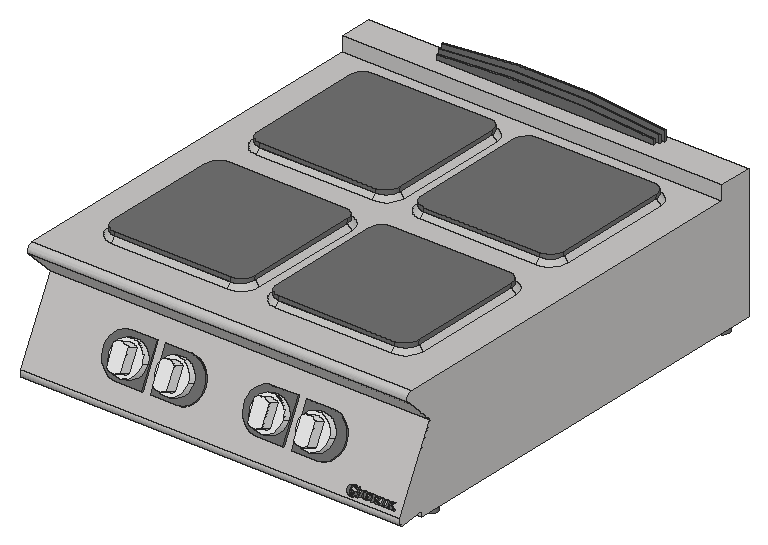
Revit family "QF_GIORIK_CE94QT", category Specialty Equipment, Revit 2014
Parameters (values of type "CE94QT")
  Weight in Pounds = 165.3465
  Watts = 16000 W
  Volts = 400 V
  URL Cutsheet = "www.giorik.com"
  URL = "www.giorik.com"
  Status [instance] = ""
  Specification by User [instance] = ""
  Specification by Manufacturer = ""
  Show Logo [instance] = yes
  Show Clearance [instance] = yes
  Serial Number = ""
  Seismic Rating = ""
  SMACNA No = ""
  Revision Code [instance] = ""
  Phase = 3
  Number of Poles [instance] = 3
  NAFEM Spec ID Number = ""
  Model = "CE94QT"
  Min Ckt Ampacity = 0 A
  Max Overcurrent Protection = 0 A
  Masterspec = ""
  Manufacturer = "GIORIK"
  Item Number [instance] = ""
  Installed By [instance] = ""
  Identify Quantity as Lot [instance] = no
  HP = "21.456320000000"
  Furnished By [instance] = ""
  Foodservice Equipment Identifier [instance] = yes
  FL Amps = 0 A
  Electrical Remarks [instance] = ""
  Electric Connection Type [instance] = ""
  Elec Conn RI Height [instance] = 0 mm
  Elec Conn Connection Height [instance] = 20 mm
  Description = "4 ELECTRIC PLATE HOB - COUNTERTOP VERSION"
  Cycle = 50 Hz
  Conn Plug = ""
  CSI MasterFormat = ""
  Assembly Code = "E1090320"
  Apparent Power = 16000 VA
Reference planes
  plane 1 "Back": y = 0
  plane 2: z = 0
  plane 3 "Left": x = 0
  plane 4 "Right": x = 800
  plane 5 "Front": y = -920
  plane 6 "Top": z = 300.012
Forms (mm)
  Extrusion 1, solid, visible <- "Show Logo"
    sketch origin (591.604, -936.624, 9.498) x (-1, 0, 0) y (0, 0.452718, 0.891654)
      loop
        line (-118.824, 58.358) -> (-127.804, 58.358) -> (-125.523, 56.445) -> (-125.523, 48.027) -> (-127.804, 46.113) -> (-118.824, 46.113) -> (-121.105, 48.027) -> (-121.105, 56.445) -> (-118.824, 58.358)
      loop
        line (-163.721, 58.358) -> (-172.7, 58.358) -> (-170.42, 56.445) -> (-170.42, 48.027) -> (-172.7, 46.113) -> (-163.721, 46.113) -> (-166.001, 48.027) -> (-166.001, 56.445) -> (-163.721, 58.358)
      loop
        line (-174.332, 58.358) -> (-183.312, 58.358) -> (-181.031, 56.445) -> (-181.031, 52.435) -> (-186.419, 56.955) -> (-184.416, 58.358) -> (-191.268, 58.358) -> (-188.01, 56.839) -> (-185.455, 54.283) -> (-190.846, 47.858) -> (-193.396, 46.93) -> (-193.396, 46.113) -> (-184.416, 46.113) -> (-185.437, 47.571) -> (-182.443, 51.552) -> (-181.031, 50.894) -> (-181.031, 48.027) -> (-183.312, 46.113) -> (-174.332, 46.113) -> (-176.613, 48.027) -> (-176.613, 56.445) -> (-174.332, 58.358)
      loop
        line (-115.429, 62.063) -> (-115.429, 54.198)
        arc (-115.429, 54.198) -> (-111.618, 57.803) -> (-106.847, 59.986) r 16.039
        arc (-106.847, 59.986) -> (-103.314, 59.837) -> (-100.512, 57.68) r 5.851
        arc (-100.512, 57.68) -> (-98.815, 52.267) -> (-100.512, 46.853) r 9.479
        arc (-100.512, 46.853) -> (-102.406, 44.986) -> (-104.846, 43.93) r 7.236
        arc (-104.846, 43.93) -> (-107.728, 44.111) -> (-110.052, 45.825) r 5.11
        line (-110.052, 45.825) -> (-110.052, 52.001) -> (-116.141, 52.001) -> (-116.141, 45.503) -> (-117.893, 43.751) -> (-114.094, 44.769)
        arc (-114.094, 44.769) -> (-112.56, 44.947) -> (-111.129, 44.366) r 3.115
        arc (-111.129, 44.366) -> (-104.216, 42.091) -> (-97.303, 44.366) r 11.641
        arc (-97.303, 44.366) -> (-93.396, 52.107) -> (-97.303, 59.849) r 9.622
        arc (-97.303, 59.849) -> (-104.369, 62.174) -> (-111.435, 59.849) r 11.898
        line (-111.435, 59.849) -> (-115.429, 62.063)
      loop
        arc (-129.234, 56.068) -> (-135.893, 58.628) -> (-142.552, 56.068) r 9.941
        arc (-142.552, 56.068) -> (-144.234, 52.286) -> (-142.552, 48.505) r 5.093
        arc (-142.552, 48.505) -> (-135.893, 45.945) -> (-129.234, 48.505) r 9.941
        arc (-129.234, 48.505) -> (-127.552, 52.286) -> (-129.234, 56.068) r 5.093
      loop
        arc (-132.628, 54.403) -> (-135.893, 57.668) -> (-139.158, 54.403) r 3.265
        line (-139.158, 54.403) -> (-139.158, 50.169)
        arc (-139.158, 50.169) -> (-135.893, 46.904) -> (-132.628, 50.169) r 3.265
        line (-132.628, 50.169) -> (-132.628, 54.403)
      loop
        arc (-156.363, 58.365) -> (-159.647, 55.081) -> (-156.363, 51.796) r 3.285
        line (-156.363, 51.796) -> (-159.529, 47.306) -> (-162.087, 46.113) -> (-155.847, 46.113) -> (-153.529, 51.083) -> (-150.637, 51.083) -> (-150.637, 47.784) -> (-153.022, 46.113) -> (-144.011, 46.113) -> (-146.094, 47.68) -> (-146.094, 56.493) -> (-144.229, 58.365) -> (-156.363, 58.365)
      loop
        line (-150.637, 57.512) -> (-153.637, 57.512)
        arc (-153.637, 57.512) -> (-156.237, 54.912) -> (-153.637, 52.312) r 2.6
        line (-153.637, 52.312) -> (-150.637, 52.312) -> (-150.637, 57.512)
      loop
        line (-108.924, 52.001) -> (-104.936, 49.005) -> (-100.948, 52.001) -> (-108.924, 52.001)
    from 1.5 to -0.5
  Extrusion 2, solid
    sketch origin (-4, 0.138, 5.012) x (1, 0, 0) y (0, 1, 0)
      loop
        circle (54, -385) r 12.5
    from 0 to 15
  Extrusion 3, solid
    sketch origin (0, 800.138, -619.988) x (0, 1, 0) y (0, 0, 1)
      loop
        line (-800.138, 919.988) -> (-870.138, 919.988) -> (-870.138, 889.988) -> (-1688.806, 889.988)
        arc (-1688.806, 889.988) -> (-1699.151, 883.075) -> (-1696.724, 870.873) r 11.197
        line (-1696.724, 870.873) -> (-1640.876, 815.025) -> (-1718.948, 661.258)
        arc (-1718.948, 661.258) -> (-1718.233, 650.105) -> (-1708.118, 645.354) r 10.981
        line (-1708.118, 645.354) -> (-1660, 649.925) -> (-1660, 640) -> (-800.138, 640) -> (-800.138, 919.988)
    from 0 to 800
  Extrusion 4, solid
    sketch origin (-220.755, -1163.208, -547.625) x (1, 0, 0) y (0, 0.452718, 0.891654)
      loop
        line (463.221, 676.25) -> (463.221, 766.25) -> (409.698, 766.25)
        arc (409.698, 766.25) -> (364.698, 721.25) -> (409.698, 676.25) r 45
        line (409.698, 676.25) -> (463.221, 676.25)
    from 48 to 50
  Extrusion 5, solid
    sketch origin (553.797, -1208.559, -525.029) x (-1, 0, 0) y (0, -0.45351, -0.891251)
      loop
        circle (351.331, -721.346) r 35
    from 0 to 15
  Extrusion 6, solid
    sketch origin (553.797, -1208.559, -525.029) x (-1, 0, 0) y (0, -0.45351, -0.891251)
      loop
        arc (336.331, -743.846) -> (351.331, -748.846) -> (366.331, -743.846) r 25
        line (366.331, -743.846) -> (366.331, -698.846)
        arc (366.331, -698.846) -> (351.331, -693.846) -> (336.331, -698.846) r 25
        line (336.331, -698.846) -> (336.331, -743.846)
    from 15 to 40
  Extrusion 7, solid
    sketch origin (723.221, -1163.208, -547.625) x (-1, 0, 0) y (0, -0.452718, -0.891654)
      loop
        line (463.221, -676.25) -> (409.698, -676.25)
        arc (409.698, -676.25) -> (364.698, -721.25) -> (409.698, -766.25) r 45
        line (409.698, -766.25) -> (463.221, -766.25) -> (463.221, -676.25)
    from 48 to 50
  Extrusion 8, solid
    sketch origin (-51.331, -1208.559, -525.029) x (1, 0, 0) y (0, 0.45351, 0.891251)
      loop
        circle (351.331, 721.346) r 35
    from 0 to 15
  Extrusion 9, solid
    sketch origin (-51.331, -1208.559, -525.029) x (1, 0, 0) y (0, 0.45351, 0.891251)
      loop
        line (336.331, 743.846) -> (336.331, 698.846)
        arc (336.331, 698.846) -> (351.331, 693.846) -> (366.331, 698.846) r 25
        line (366.331, 698.846) -> (366.331, 743.846)
        arc (366.331, 743.846) -> (351.331, 748.846) -> (336.331, 743.846) r 25
    from 15 to 40
  Extrusion 10, solid
    sketch origin (76.779, -1163.208, -547.625) x (1, 0, 0) y (0, 0.452718, 0.891654)
      loop
        line (463.221, 676.25) -> (463.221, 766.25) -> (409.698, 766.25)
        arc (409.698, 766.25) -> (364.698, 721.25) -> (409.698, 676.25) r 45
        line (409.698, 676.25) -> (463.221, 676.25)
    from 48 to 50
  Extrusion 11, solid
    sketch origin (851.331, -1208.559, -525.029) x (-1, 0, 0) y (0, -0.45351, -0.891251)
      loop
        circle (351.331, -721.346) r 35
    from 0 to 15
  Extrusion 12, solid
    sketch origin (851.331, -1208.559, -525.029) x (-1, 0, 0) y (0, -0.45351, -0.891251)
      loop
        arc (336.331, -743.846) -> (351.331, -748.846) -> (366.331, -743.846) r 25
        line (366.331, -743.846) -> (366.331, -698.846)
        arc (366.331, -698.846) -> (351.331, -693.846) -> (336.331, -698.846) r 25
        line (336.331, -698.846) -> (336.331, -743.846)
    from 15 to 40
  Extrusion 13, solid
    sketch origin (1020.755, -1163.208, -547.625) x (-1, 0, 0) y (0, -0.452718, -0.891654)
      loop
        line (463.221, -676.25) -> (409.698, -676.25)
        arc (409.698, -676.25) -> (364.698, -721.25) -> (409.698, -766.25) r 45
        line (409.698, -766.25) -> (463.221, -766.25) -> (463.221, -676.25)
    from 48 to 50
  Extrusion 14, solid
    sketch origin (246.203, -1208.559, -525.029) x (1, 0, 0) y (0, 0.45351, 0.891251)
      loop
        circle (351.331, 721.346) r 35
    from 0 to 15
  Extrusion 15, solid
    sketch origin (246.203, -1208.559, -525.029) x (1, 0, 0) y (0, 0.45351, 0.891251)
      loop
        line (336.331, 743.846) -> (336.331, 698.846)
        arc (336.331, 698.846) -> (351.331, 693.846) -> (366.331, 698.846) r 25
        line (366.331, 698.846) -> (366.331, 743.846)
        arc (366.331, 743.846) -> (351.331, 748.846) -> (336.331, 743.846) r 25
    from 15 to 40
  Extrusion 16, solid
    sketch origin (36.031, 0, -609.99) x (1, 0, 0) y (0, 0, 1)
      loop
        line (135, 909.989) -> (592.969, 909.989) -> (592.969, 919.989) -> (440.969, 929.989) -> (287, 929.989) -> (135, 919.989) -> (135, 909.989)
    from 32 to 35
  Extrusion 17, solid
    sketch origin (38, 10, -609.99) x (1, 0, 0) y (0, 0, 1)
      loop
        line (594, 909.989) -> (594, 924.989) -> (440, 937.489) -> (284, 937.489) -> (130, 925.001) -> (130, 909.989) -> (594, 909.989)
    from 32 to 35
  Extrusion 18, solid
    sketch origin (40, 20, -609.99) x (1, 0, 0) y (0, 0, 1)
      loop
        line (595, 909.989) -> (595, 930.001) -> (439, 945.258) -> (281, 945.258) -> (125, 929.989) -> (125, 909.989) -> (595, 909.989)
    from 32 to 35
  Extrusion 19, solid
    sketch origin (37, 2.638, 265) x (0, 1, 0) y (-1, 0, 0)
      loop
        arc (-121.5, -68) -> (-129.701, -48.201) -> (-149.5, -40) r 28
        line (-149.5, -40) -> (-393.5, -40)
        arc (-393.5, -40) -> (-413.299, -48.201) -> (-421.5, -68) r 28
        line (-421.5, -68) -> (-421.5, -311.998)
        arc (-421.5, -311.998) -> (-413.299, -331.797) -> (-393.5, -339.998) r 28
        line (-393.5, -339.998) -> (-149.5, -339.998)
        arc (-149.5, -339.998) -> (-129.701, -331.797) -> (-121.5, -311.998) r 28
        line (-121.5, -311.998) -> (-121.5, -68)
    from 23 to 15
  Blend 20, solid
    base sketch origin (781.36, -819.867, 270) x (0, 1, 0) y (-1, 0, 0)
      loop
        arc (710.004, 676.36) -> (699.167, 702.523) -> (673.004, 713.36) r 37
        line (673.004, 713.36) -> (429.004, 713.36)
        arc (429.004, 713.36) -> (402.841, 702.523) -> (392.004, 676.36) r 37
        line (392.004, 676.36) -> (392.004, 432.362)
        arc (392.004, 432.362) -> (402.841, 406.199) -> (429.004, 395.362) r 37
        line (429.004, 395.362) -> (673.004, 395.362)
        arc (673.004, 395.362) -> (699.167, 406.199) -> (710.004, 432.362) r 37
        line (710.004, 432.362) -> (710.004, 676.36)
    top sketch origin (781.36, -819.867, 300.012) x (0, 1, 0) y (-1, 0, 0)
      loop
        arc (701.004, 676.36) -> (692.803, 696.159) -> (673.004, 704.36) r 28
        line (673.004, 704.36) -> (429.004, 704.36)
        arc (429.004, 704.36) -> (409.205, 696.159) -> (401.004, 676.36) r 28
        line (401.004, 676.36) -> (401.004, 432.362)
        arc (401.004, 432.362) -> (409.205, 412.563) -> (429.004, 404.362) r 28
        line (429.004, 404.362) -> (673.004, 404.362)
        arc (673.004, 404.362) -> (692.803, 412.563) -> (701.004, 432.362) r 28
        line (701.004, 432.362) -> (701.004, 676.36)
    from 0 to -20.012
  Extrusion 21, solid
    sketch origin (37, -922.362, 265) x (0, -1, 0) y (1, 0, 0)
      loop
        line (-121.5, 68) -> (-121.5, 311.998)
        arc (-121.5, 311.998) -> (-129.701, 331.797) -> (-149.5, 339.998) r 28
        line (-149.5, 339.998) -> (-393.5, 339.998)
        arc (-393.5, 339.998) -> (-413.299, 331.797) -> (-421.5, 311.998) r 28
        line (-421.5, 311.998) -> (-421.5, 68)
        arc (-421.5, 68) -> (-413.299, 48.201) -> (-393.5, 40) r 28
        line (-393.5, 40) -> (-149.5, 40)
        arc (-149.5, 40) -> (-129.701, 48.201) -> (-121.5, 68) r 28
    from 23 to 15
  Blend 22, solid
    base sketch origin (781.36, -99.858, 270) x (0, -1, 0) y (1, 0, 0)
      loop
        line (710.004, -676.36) -> (710.004, -432.362)
        arc (710.004, -432.362) -> (699.167, -406.199) -> (673.004, -395.362) r 37
        line (673.004, -395.362) -> (429.004, -395.362)
        arc (429.004, -395.362) -> (402.841, -406.199) -> (392.004, -432.362) r 37
        line (392.004, -432.362) -> (392.004, -676.36)
        arc (392.004, -676.36) -> (402.841, -702.523) -> (429.004, -713.36) r 37
        line (429.004, -713.36) -> (673.004, -713.36)
        arc (673.004, -713.36) -> (699.167, -702.523) -> (710.004, -676.36) r 37
    top sketch origin (781.36, -99.858, 300.012) x (0, -1, 0) y (1, 0, 0)
      loop
        line (701.004, -676.36) -> (701.004, -432.362)
        arc (701.004, -432.362) -> (692.803, -412.563) -> (673.004, -404.362) r 28
        line (673.004, -404.362) -> (429.004, -404.362)
        arc (429.004, -404.362) -> (409.205, -412.563) -> (401.004, -432.362) r 28
        line (401.004, -432.362) -> (401.004, -676.36)
        arc (401.004, -676.36) -> (409.205, -696.159) -> (429.004, -704.36) r 28
        line (429.004, -704.36) -> (673.004, -704.36)
        arc (673.004, -704.36) -> (692.803, -696.159) -> (701.004, -676.36) r 28
    from 0 to -20.012
  Extrusion 23, solid
    sketch origin (763, 2.638, 265) x (0, 1, 0) y (-1, 0, 0)
      loop
        line (-121.5, 68) -> (-121.5, 311.998)
        arc (-121.5, 311.998) -> (-129.701, 331.797) -> (-149.5, 339.998) r 28
        line (-149.5, 339.998) -> (-393.5, 339.998)
        arc (-393.5, 339.998) -> (-413.299, 331.797) -> (-421.5, 311.998) r 28
        line (-421.5, 311.998) -> (-421.5, 68)
        arc (-421.5, 68) -> (-413.299, 48.201) -> (-393.5, 40) r 28
        line (-393.5, 40) -> (-149.5, 40)
        arc (-149.5, 40) -> (-129.701, 48.201) -> (-121.5, 68) r 28
    from 23 to 15
  Blend 24, solid
    base sketch origin (18.64, -819.867, 270) x (0, 1, 0) y (-1, 0, 0)
      loop
        line (710.004, -676.36) -> (710.004, -432.362)
        arc (710.004, -432.362) -> (699.167, -406.199) -> (673.004, -395.362) r 37
        line (673.004, -395.362) -> (429.004, -395.362)
        arc (429.004, -395.362) -> (402.841, -406.199) -> (392.004, -432.362) r 37
        line (392.004, -432.362) -> (392.004, -676.36)
        arc (392.004, -676.36) -> (402.841, -702.523) -> (429.004, -713.36) r 37
        line (429.004, -713.36) -> (673.004, -713.36)
        arc (673.004, -713.36) -> (699.167, -702.523) -> (710.004, -676.36) r 37
    top sketch origin (18.64, -819.867, 300.012) x (0, 1, 0) y (-1, 0, 0)
      loop
        line (701.004, -676.36) -> (701.004, -432.362)
        arc (701.004, -432.362) -> (692.803, -412.563) -> (673.004, -404.362) r 28
        line (673.004, -404.362) -> (429.004, -404.362)
        arc (429.004, -404.362) -> (409.205, -412.563) -> (401.004, -432.362) r 28
        line (401.004, -432.362) -> (401.004, -676.36)
        arc (401.004, -676.36) -> (409.205, -696.159) -> (429.004, -704.36) r 28
        line (429.004, -704.36) -> (673.004, -704.36)
        arc (673.004, -704.36) -> (692.803, -696.159) -> (701.004, -676.36) r 28
    from 0 to -20.012
  Extrusion 25, solid
    sketch origin (763, -922.362, 265) x (0, -1, 0) y (1, 0, 0)
      loop
        arc (-121.5, -68) -> (-129.701, -48.201) -> (-149.5, -40) r 28
        line (-149.5, -40) -> (-393.5, -40)
        arc (-393.5, -40) -> (-413.299, -48.201) -> (-421.5, -68) r 28
        line (-421.5, -68) -> (-421.5, -311.998)
        arc (-421.5, -311.998) -> (-413.299, -331.797) -> (-393.5, -339.998) r 28
        line (-393.5, -339.998) -> (-149.5, -339.998)
        arc (-149.5, -339.998) -> (-129.701, -331.797) -> (-121.5, -311.998) r 28
        line (-121.5, -311.998) -> (-121.5, -68)
    from 23 to 15
  Blend 26, solid
    base sketch origin (18.64, -99.858, 270) x (0, -1, 0) y (1, 0, 0)
      loop
        arc (710.004, 676.36) -> (699.167, 702.523) -> (673.004, 713.36) r 37
        line (673.004, 713.36) -> (429.004, 713.36)
        arc (429.004, 713.36) -> (402.841, 702.523) -> (392.004, 676.36) r 37
        line (392.004, 676.36) -> (392.004, 432.362)
        arc (392.004, 432.362) -> (402.841, 406.199) -> (429.004, 395.362) r 37
        line (429.004, 395.362) -> (673.004, 395.362)
        arc (673.004, 395.362) -> (699.167, 406.199) -> (710.004, 432.362) r 37
        line (710.004, 432.362) -> (710.004, 676.36)
    top sketch origin (18.64, -99.858, 300.012) x (0, -1, 0) y (1, 0, 0)
      loop
        arc (701.004, 676.36) -> (692.803, 696.159) -> (673.004, 704.36) r 28
        line (673.004, 704.36) -> (429.004, 704.36)
        arc (429.004, 704.36) -> (409.205, 696.159) -> (401.004, 676.36) r 28
        line (401.004, 676.36) -> (401.004, 432.362)
        arc (401.004, 432.362) -> (409.205, 412.563) -> (429.004, 404.362) r 28
        line (429.004, 404.362) -> (673.004, 404.362)
        arc (673.004, 404.362) -> (692.803, 412.563) -> (701.004, 432.362) r 28
        line (701.004, 432.362) -> (701.004, 676.36)
    from 0 to -20.012
  Extrusion 27, solid
    sketch origin (543.603, 45.289, -30) x (0, 1, 0) y (-1, 0, 0)
      loop
        circle (-79.293, 516.603) r 5
    from 41.965 to 50
  Revolve 28, solid
    sketch origin (27, 49.938, -600) x (0, 1, 0) y (0, 0, 1)
      loop
        line (-83.943, 611.965) -> (-94.752, 611.965) -> (-97.943, 600) -> (-83.943, 600) -> (-83.943, 611.965)
      axis (-83.943, 611.965) -> (-83.943, 600)
    angle from 0 to 360
  Extrusion 29, solid
    sketch origin (256.397, 45.289, -30) x (0, 1, 0) y (-1, 0, 0)
      loop
        circle (-79.293, -516.603) r 5
    from 41.965 to 50
  Revolve 30, solid
    sketch origin (773, 49.938, -600) x (0, 1, 0) y (0, 0, -1)
      loop
        line (-83.943, -611.965) -> (-83.943, -600) -> (-97.943, -600) -> (-94.752, -611.965) -> (-83.943, -611.965)
      axis (-83.943, -611.965) -> (-83.943, -600)
    angle from 0 to 360
  Extrusion 31, solid
    sketch origin (543.603, -724.579, -30) x (0, 1, 0) y (-1, 0, 0)
      loop
        circle (-79.293, 516.603) r 5
    from 41.965 to 50
  Revolve 32, solid
    sketch origin (27, -719.93, -600) x (0, 1, 0) y (0, 0, 1)
      loop
        line (-83.943, 611.965) -> (-94.752, 611.965) -> (-97.943, 600) -> (-83.943, 600) -> (-83.943, 611.965)
      axis (-83.943, 611.965) -> (-83.943, 600)
    angle from 0 to 360
  Extrusion 33, solid
    sketch origin (256.397, -724.579, -30) x (0, 1, 0) y (-1, 0, 0)
      loop
        circle (-79.293, -516.603) r 5
    from 41.965 to 50
  Revolve 34, solid
    sketch origin (773, -719.93, -600) x (0, 1, 0) y (0, 0, -1)
      loop
        line (-83.943, -611.965) -> (-83.943, -600) -> (-97.943, -600) -> (-94.752, -611.965) -> (-83.943, -611.965)
      axis (-83.943, -611.965) -> (-83.943, -600)
    angle from 0 to 360
Lines and regions (mm)
  symbolic lines, style "200-EquipBorder-2D"
    curve 1: line (0, -919.862, 0) -> (800, -919.862, 0)
    curve 2: line (800, -919.862, 0) -> (800, 0, 0)
    curve 3: line (800, 0, 0) -> (0, 0, 0)
    curve 4: line (0, 0, 0) -> (0, -919.862, 0)
  symbolic lines, style "200-EquipInternal-2D"
    curve 5: line (0, -70, 300.012) -> (800, -70, 300.012)
    curve 6: line (165, -12, 900) -> (635, -12, 900)
    curve 7: line (635, -12, 900) -> (635, -15, 900)
    curve 8: line (635, -15, 900) -> (165, -15, 900)
    curve 9: line (165, -15, 900) -> (165, -12, 900)
    curve 10: line (168, -22, 900) -> (632, -22, 900)
    curve 11: line (632, -22, 900) -> (632, -25, 900)
    curve 12: line (632, -25, 900) -> (168, -25, 900)
    curve 13: line (168, -25, 900) -> (168, -22, 900)
    curve 14: line (171.031, -32, 900) -> (629, -32, 900)
    curve 15: line (629, -32, 900) -> (629, -35, 900)
    curve 16: line (629, -35, 900) -> (171.031, -35, 900)
    curve 17: line (171.031, -35, 900) -> (171.031, -32, 900)
    curve 19: arc (68, -146.862, 300.012) -> (78.837, -120.699, 300.012) -> (105, -109.862, 300.012) r 37
    curve 20: arc (105, -118.862, 300.012) -> (85.201, -127.063, 300.012) -> (77, -146.862, 300.012) r 28
    curve 21: line (105, -109.862, 300.012) -> (348.998, -109.862, 300.012)
    curve 22: line (348.998, -118.862, 300.012) -> (105, -118.862, 300.012)
    curve 23: line (68, -390.862, 300.012) -> (68, -146.862, 300.012)
    curve 24: line (77, -146.862, 300.012) -> (77, -390.862, 300.012)
    curve 25: arc (105, -427.862, 300.012) -> (78.837, -417.025, 300.012) -> (68, -390.862, 300.012) r 37
    curve 26: arc (77, -390.862, 300.012) -> (85.201, -410.661, 300.012) -> (105, -418.862, 300.012) r 28
    curve 27: line (348.998, -427.862, 300.012) -> (105, -427.862, 300.012)
    curve 28: line (105, -418.862, 300.012) -> (348.998, -418.862, 300.012)
    curve 29: arc (385.998, -390.862, 300.012) -> (375.161, -417.025, 300.012) -> (348.998, -427.862, 300.012) r 37
    curve 30: line (376.998, -390.862, 300.012) -> (376.998, -146.862, 300.012)
    curve 31: arc (348.998, -418.862, 300.012) -> (368.797, -410.661, 300.012) -> (376.998, -390.862, 300.012) r 28
    curve 32: line (385.998, -146.862, 300.012) -> (385.998, -390.862, 300.012)
    curve 33: arc (348.998, -109.862, 300.012) -> (375.161, -120.699, 300.012) -> (385.998, -146.862, 300.012) r 37
    curve 34: arc (376.998, -146.862, 300.012) -> (368.797, -127.063, 300.012) -> (348.998, -118.862, 300.012) r 28
    curve 35: line (414.002, -390.862, 300.012) -> (414.002, -146.862, 300.012)
    curve 36: line (423.002, -146.862, 300.012) -> (423.002, -390.862, 300.012)
    curve 37: arc (414.002, -146.862, 300.012) -> (424.839, -120.699, 300.012) -> (451.002, -109.862, 300.012) r 37
    curve 38: arc (451.002, -118.862, 300.012) -> (431.203, -127.063, 300.012) -> (423.002, -146.862, 300.012) r 28
    curve 39: line (451.002, -109.862, 300.012) -> (695, -109.862, 300.012)
    curve 40: line (695, -118.862, 300.012) -> (451.002, -118.862, 300.012)
    curve 41: arc (695, -109.862, 300.012) -> (721.163, -120.699, 300.012) -> (732, -146.862, 300.012) r 37
    curve 42: arc (723, -146.862, 300.012) -> (714.799, -127.063, 300.012) -> (695, -118.862, 300.012) r 28
    curve 43: line (732, -146.862, 300.012) -> (732, -390.862, 300.012)
    curve 44: line (723, -390.862, 300.012) -> (723, -146.862, 300.012)
    curve 45: arc (695, -418.862, 300.012) -> (714.799, -410.661, 300.012) -> (723, -390.862, 300.012) r 28
    curve 46: arc (732, -390.862, 300.012) -> (721.163, -417.025, 300.012) -> (695, -427.862, 300.012) r 37
    curve 47: line (451.002, -418.862, 300.012) -> (695, -418.862, 300.012)
    curve 48: line (695, -427.862, 300.012) -> (451.002, -427.862, 300.012)
    curve 49: arc (423.002, -390.862, 300.012) -> (431.203, -410.661, 300.012) -> (451.002, -418.862, 300.012) r 28
    curve 50: arc (451.002, -427.862, 300.012) -> (424.839, -417.025, 300.012) -> (414.002, -390.862, 300.012) r 37
    curve 51: line (77, -528.862, 300.012) -> (77, -772.862, 300.012)
    curve 52: line (68, -772.862, 300.012) -> (68, -528.862, 300.012)
    curve 53: line (105, -800.862, 300.012) -> (348.998, -800.862, 300.012)
    curve 54: line (385.998, -528.862, 300.012) -> (385.998, -772.862, 300.012)
    curve 55: line (376.998, -772.862, 300.012) -> (376.998, -528.862, 300.012)
    curve 56: line (105, -491.862, 300.012) -> (348.998, -491.862, 300.012)
    curve 57: line (348.998, -500.862, 300.012) -> (105, -500.862, 300.012)
    curve 58: line (695, -500.862, 300.012) -> (451.002, -500.862, 300.012)
    curve 59: line (451.002, -491.862, 300.012) -> (695, -491.862, 300.012)
    curve 60: line (414.002, -772.862, 300.012) -> (414.002, -528.862, 300.012)
    curve 61: line (423.002, -528.862, 300.012) -> (423.002, -772.862, 300.012)
    curve 62: line (695, -809.862, 300.012) -> (451.002, -809.862, 300.012)
    curve 63: line (451.002, -800.862, 300.012) -> (695, -800.862, 300.012)
    curve 64: line (348.998, -809.862, 300.012) -> (105, -809.862, 300.012)
    curve 65: arc (348.998, -800.862, 300.012) -> (368.797, -792.661, 300.012) -> (376.998, -772.862, 300.012) r 28
    curve 66: arc (732, -772.862, 300.012) -> (721.163, -799.025, 300.012) -> (695, -809.862, 300.012) r 37
    curve 67: line (732, -528.862, 300.012) -> (732, -772.862, 300.012)
    curve 68: line (723, -772.862, 300.012) -> (723, -528.862, 300.012)
    curve 69: arc (695, -491.862, 300.012) -> (721.163, -502.699, 300.012) -> (732, -528.862, 300.012) r 37
    curve 70: arc (414.002, -528.862, 300.012) -> (424.839, -502.699, 300.012) -> (451.002, -491.862, 300.012) r 37
    curve 71: arc (423.002, -772.862, 300.012) -> (431.203, -792.661, 300.012) -> (451.002, -800.862, 300.012) r 28
    curve 72: arc (695, -800.862, 300.012) -> (714.799, -792.661, 300.012) -> (723, -772.862, 300.012) r 28
    curve 73: arc (723, -528.862, 300.012) -> (714.799, -509.063, 300.012) -> (695, -500.862, 300.012) r 28
    curve 74: arc (451.002, -500.862, 300.012) -> (431.203, -509.063, 300.012) -> (423.002, -528.862, 300.012) r 28
    curve 75: arc (451.002, -809.862, 300.012) -> (424.839, -799.025, 300.012) -> (414.002, -772.862, 300.012) r 37
    curve 76: arc (348.998, -491.862, 300.012) -> (375.161, -502.699, 300.012) -> (385.998, -528.862, 300.012) r 37
    curve 77: arc (68, -528.862, 300.012) -> (78.837, -502.699, 300.012) -> (105, -491.862, 300.012) r 37
    curve 78: arc (77, -772.862, 300.012) -> (85.201, -792.661, 300.012) -> (105, -800.862, 300.012) r 28
    curve 79: arc (385.998, -772.862, 300.012) -> (375.161, -799.025, 300.012) -> (348.998, -809.862, 300.012) r 37
    curve 80: arc (376.998, -528.862, 300.012) -> (368.797, -509.063, 300.012) -> (348.998, -500.862, 300.012) r 28
    curve 81: arc (105, -500.862, 300.012) -> (85.201, -509.063, 300.012) -> (77, -528.862, 300.012) r 28
    curve 82: arc (105, -809.862, 300.012) -> (78.837, -799.025, 300.012) -> (68, -772.862, 300.012) r 37
  model lines, style "200-EquipBlack-3D"
    curve 18: line (0, 0, 280) -> (0, -70, 280)
Dimensions and locks
  plane 3 "Left" to plane 4 "Right" = 800 mm
  plane 5 "Front" to plane 1 "Back" = 920 mm
  plane 4 "Right" to plane 3 "Left" = 800 mm
  plane 1 "Back" to plane 5 "Front" = 920 mm
  plane 6 "Top" to level = 300.012 mm  (x2)
  aligned and locked: level to plane 2
Connectors
  electrical at (50, -384.862, 5.012), driven by "Apparent Power", driven by "Volts", driven by "Number of Poles"
    settings: on Extrusion 2, index 1, voltage 400 V, apparent load 0 VA, apparent load phase1 16000 VA, apparent load phase2 0 VA, apparent load phase3 0 VA, power factor 1, load classification "Other", number of poles 3, system type 31, power factor state 1, is connector primary yes, connector utility no, sub classification motor no, connector description "Electrical connection"
